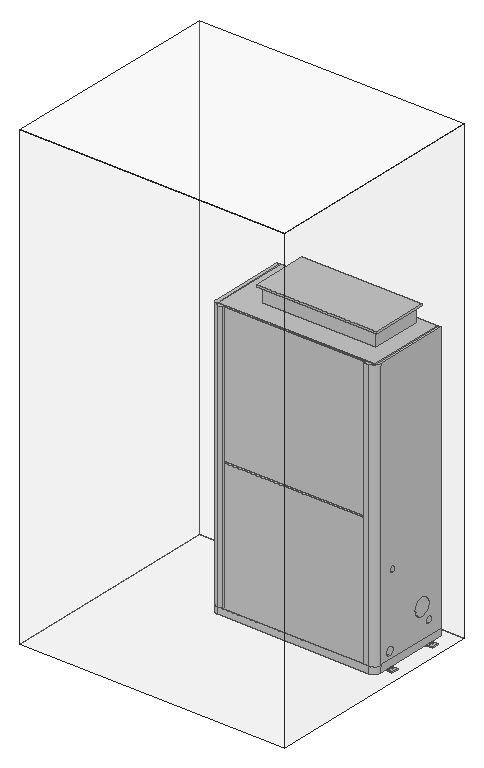
Revit family "pfav-p224_560dme3_50Hz", category 機械設備, Revit 2019
Family settings
  丸型コネクタ寸法 = 直径を使用
  パーツ タイプ = 標準
  OmniClass 番号 = 23.75.10.24.21.27.27
  OmniClass タイトル = Split System Air Conditioning Units
  作業面ベース = いいえ
  常に垂直 = はい
  ロード時にボイドで切り取り = いいえ
  共有 = いいえ
  部屋計算ポイント = いいえ
Parameters (values of type "PFAV-P224DME3")
  風量（m3／min） = 65
  風量 = MAX風量  # 3900 m³/h
  音響パワーレベル(dB) = 69
  電源種別 = ""
  電圧_電気ヒーター = 0 V
  電圧 = 200 V
  電動機出力_送風機 = 1500 W
  電動機出力_圧縮機 = 4510 W
  運転質量 = 0.00 kg
  連動 = ""
  質量 = if(製品質量 > 運転質量, 製品質量, 運転質量) * 1.2  # 150.00 kg
  負荷分類 = 3_ファン類
  説明 = "設備用パッケージエアコン 空冷床置形・冷暖兼用 一般空調設備用標準シリーズ"
  設計暖房能力 [instance] = 0 kW
  設計冷房能力_顕熱 [instance] = 0 kW
  設計冷房能力 [instance] = 0 kW
  設置方法 = "床置形"
  記号 [instance] = ""
  製造元 = "三菱電機株式会社"
  製品質量 = 125.00 kg
  製品出荷対象 = "国内"
  製品リリース年月 = ""
  製品グループ = ""
  系統 [instance] = ""
  符号 = "PAC-FRV(J)"
  積算_科目 = "1 空気調和設備"
  積算_拾い区分 [instance] = ""
  相_電気ヒーター = 1
  相 = 3
  盤記号 [instance] = ""
  発停方法 = ""
  特殊仕様 [instance] = ""
  火災停止 = ""
  消費電力_電気ヒーター = 0 W
  消費電力_暖房 = 740 W
  消費電力_加湿器 = 0 W
  消費電力_冷房 = 740 W
  消費電力 = if(消費電力_冷房 > 消費電力_暖房, 消費電力_冷房, 消費電力_暖房) + 消費電力_加湿器 + 消費電力_電気ヒーター  # 740 W
  法定耐用年数 = "15"
  機械基礎質量 [instance] = 0.00 kg
  機械基礎_W = 0.00 mm
  機械基礎_H = 0.00 mm
  機械基礎_D = 0.00 mm
  機械基礎 [instance] = no
  機外静圧 = 30.0 Pa
  極数 = 3
  材質 [instance] = ""
  本体マテリアル = none
  有効加湿量 = 0
  最小電線太さ_mm = 1.6
  最大電流値 = 6.5 A
  暖房能力 = 22.4 kW
  推奨ブレーカー容量 = 15 A
  形式_加湿器 = ""
  形式 = "床置（露出）立形"
  形名 = PFAV-P-DME : PFAV-P224DME3
  幹線記号 [instance] = ""
  始動方式 = "直入"
  呼称 = "パッケージ形空気調和機_室内機"
  周波数 = 50 Hz
  台数_手元リモコン [instance] = ""
  台数_冷媒分岐ユニット [instance] = ""
  参照している仕様書等のバージョン = "公共建築工事標準仕様書（機械設備工事編）平成31年度版"
  加湿給水管径 = 0.00 mm
  分類コード = "50053003023020"
  分類グループ = ""
  冷房能力 = 20 kW
  冷媒高低圧ガス管径 = 0.00 mm
  冷媒管径符号 = "Be"
  冷媒管径 = 100.00 mm
  冷媒液管径 = 9.52 mm
  冷媒ガス管径 = 19.05 mm
  価格 = 0
  企業コード = "108420"
  付属品_フィルター = ""
  付属品 [instance] = ""
  仕様書バージョン = "Version1.0"
  モデル = "PFAV-P224DME3"
  ドレン管径 = 34.00 mm
  ダクト高 = 336 mm
  ダクト幅 = 715 mm
  サービススペース = yes
  コメント [instance] = ""
  Keynote = ""
  Width = 980.00 mm
  Version = ""
  Uniclass2015Version = "Systems v1.9"
  Uniclass2015Title = "Split coil remote air cooled condensing units"
  Uniclass2015Code = "Pr_70_65_03_84"
  URL = ""
  S寸法 = 0.00 mm
  SpecificationReference = ""
  SpecificationDescription = ""
  Revision = ""
  ProductInformation = ""
  OmniClassCode = "23-33 17 13 11"
  MAX風量 = 風量（m3／min） * 60 m³/h  # 3900 m³/h
  IfcTypeProduct = ""
  IfcProduct = ""
  IfcExportType = "AIRCONDITIONINGUNIT"
  IfcExportAs = "IfcUnitaryEquipmentType"
  Height = 1748.00 mm
  Depth = 485.00 mm
  Clearance Top = 1000.00 mm
  Clearance Right = 100.00 mm
  Clearance Left = 500.00 mm
  Clearance Front = 800.00 mm
  Clearance Back = 50.00 mm
  COP = 0
  Author = "三菱電機株式会社"
  APF = 4.7
Types (4, lengths in mm): name | 風量（m3／min） | 風量 | 音響パワーレベル(dB) | 電動機出力_送風機 | 電動機出力_圧縮機 | 質量 | 製品質量 | 消費電力_暖房 | 消費電力_冷房 | 消費電力 | 最小電線太さ_mm | 最大電流値 | 暖房能力 | 推奨ブレーカー容量 | 形名 | 冷房能力 | 冷媒管径符号 | 冷媒液管径 | 冷媒ガス管径 | モデル | ドレン管径 | ダクト高 | ダクト幅 | Width | S寸法 | MAX風量 | Height | Depth | Clearance Left | Clearance Front | APF
  PFAV-P224DME3 | 65 | 3900 m³/h | 69 | 1500 W | 4510 W | 150.00 kg | 125.00 kg | 740 W | 740 W | 740 W | 1.6 | 6.5 A | 22.4 kW | 15 A | PFAV-P-DME : PFAV-P224DME3 | 20 kW | "Be" | 9.52 | 19.05 | "PFAV-P224DME3" | 34.00 | 336 | 715 | 980.00 | 0.00 | 3900 m³/h | 1748.00 | 485.00 | 500.00 | 800.00 | 4.7
  PFAV-P280DME3 | 90 | 5400 m³/h | 71 | 1500 W | 5580 W | 178.80 kg | 149.00 kg | 940 W | 940 W | 940 W | 1.6 | 6.5 A | 28 kW | 15 A | PFAV-P-DME : PFAV-P280DME3 | 25 kW | "Bf" | 9.52 | 22.20 | "PFAV-P280DME3" | 34.00 | 336 | 895 | 1200.00 | 150.00 | 5400 m³/h | 1748.00 | 485.00 | 500.00 | 800.00 | 4.9
  PFAV-P450DME3 | 140 | 8400 m³/h | 74 | 2200 W | 10900 W | 265.20 kg | 221.00 kg | 1580 W | 1580 W | 1580 W | 1.6 | 9.5 A | 45 kW | 30 A | PFAV-P-DME : PFAV-P450DME3 | 40 kW | "Ch" | 12.70 | 28.58 | "PFAV-P450DME3" | 42.70 | 484 | 1046 | 1200.00 | 150.00 | 8400 m³/h | 1899.00 | 635.00 | 100.00 | 1000.00 | 0
  PFAV-P560DME3 | 165 | 9900 m³/h | 79 | 3700 W | 13600 W | 308.40 kg | 257.00 kg | 2260 W | 2260 W | 2260 W | 2 | 15 A | 56 kW | 30 A | PFAV-P-DME : PFAV-P560DME3 | 50 kW | "Dh" | 15.88 | 28.58 | "PFAV-P560DME3" | 42.70 | 484 | 1253 | 1420.00 | 150.00 | 9900 m³/h | 1899.00 | 635.00 | 100.00 | 1000.00 | 0
Reference planes
  plane 1: z = 0
  plane 2 "上": z = 1650
  plane 3: z = 1748
  plane 4: z = 0
  plane 5: z = 2748
  plane 6 "中心(正面/背面)": y = -242.5
  plane 7 "中心(左/右)": x = 0
  plane 8 "左": x = -490
  plane 9 "右": x = 490
  plane 10 "正面": y = -485
  plane 11 "背面": y = 0
  plane 12: y = 0
  plane 13: x = -490
  plane 14: y = -485
  plane 15: y = 50
  plane 16: y = -1285
  plane 17: x = -990
  plane 18: x = 590
  plane 19: x = 490
Dimensions and locks
  locked: plane 3 to plane 2 "上" at 98
  "Height": plane 3 to plane 4
  "Clearance Top": plane 5 to plane 3
  "機械基礎_H": plane 4 to plane 1
  equal spacing: plane 8 "左", plane 7 "中心(左/右)", plane 9 "右"
  "Width": plane 8 "左" to plane 9 "右"
  equal spacing: plane 10 "正面", plane 6 "中心(正面/背面)", plane 11 "背面"
  "Depth": plane 10 "正面" to plane 11 "背面"
  "S寸法": plane 11 "背面" to plane 12
  "S寸法": plane 14 to plane 10 "正面"
  "S寸法": plane 13 to plane 8 "左"
  "Clearance Left": plane 17 to plane 8 "左"
  "Clearance Right": plane 9 "右" to plane 18
  "Clearance Front": plane 16 to plane 10 "正面"
  "Clearance Back": plane 11 "背面" to plane 15
  "S寸法": plane 9 "右" to plane 19
  aligned and locked: level to plane 1
  aligned and locked: plane 18 to nested 1
  aligned and locked: plane 16 to nested 1
  aligned and locked: nested 1 to plane 17
  aligned and locked: nested 1 to plane 15
  aligned and locked: plane 7 "中心(左/右)" to nested 2
  aligned and locked: plane 6 "中心(正面/背面)" to nested 2
  aligned and locked: plane 5 to nested 1
  aligned and locked: plane 4 to nested 2
Nested families
  nested 1: "サービススペース（pfav-p224_560dme3）" at (-200, -617.5, 1374), visible <- "サービススペース", type "サービススペース（pfav-p224_560dme3）"
    with Width 1580.00 mm, Height 2748.00 mm, Depth 1335.00 mm
  nested 2: "PFAV-P-DME" at (0, -242.5, 0), マテリアル1 <- "本体マテリアル", type <- "形名", type "PFAV-P224DME3"
    with 表示 yes, マテリアル2 none, マテリアル1 none, ドレン径 34.00 mm
Connectors
  hvac at (32.5, -187, 1748), driven by "ダクト高", driven by "ダクト幅", driven by "機外静圧", driven by "風量"
    settings: on nested 2, index 1, duct flow 3900 m³/h, flow factor 0, pres drop 30.0 Pa, loss coef 0, conn angle 0.00°, conn width 715 mm, conn height 336 mm, conn diameter 609.6 mm, duct sys type 1, conn prof type 1, flow config 1, flow direction 2, loss method 4, conn ref index -1, conn util no, is conn primary yes, conn desc ""
  piping at (493, -92, 130), diameter 34, driven by "ドレン管径"
    settings: on nested 2, index 2, connector inside diameter 609.60 mm, connector length 0.00 mm, flow factor 0, pipe flow 0.0 L/s, pressure drop 0.0 Pa, fitting loss kfactor 0, connector angle 0.00°, fixture units 0, engagement length 0.00 mm, angle of deflection 0.00°, flow configuration 1, flow direction 2, fitting loss method 4, system type 16, joint type 0, gender type 0, connector reference index -1, connector utility 0, adjustable connector no, is connector primary yes, connector description ""
  piping at (493, -145, 220), diameter 100, driven by "冷媒管径", driven by "冷媒管径符号"
    settings: on nested 2, index 3, connector inside diameter 609.60 mm, connector length 0.00 mm, flow factor 0, pipe flow 0.0 L/s, pressure drop 0.0 Pa, fitting loss kfactor 0, connector angle 0.00°, fixture units 0, engagement length 0.00 mm, angle of deflection 0.00°, flow configuration 1, flow direction 1, fitting loss method 4, system type 7, joint type 0, gender type 0, connector reference index -1, connector utility 0, adjustable connector no, is connector primary no, connector description "Be"
  electrical at (493, -385, 90), driven by "極数", driven by "負荷分類", driven by "電圧", driven by "消費電力"
    settings: on nested 2, index 5, voltage 200 V, apparent load 740 VA, apparent load phase1 0 VA, apparent load phase2 0 VA, apparent load phase3 0 VA, power factor 1, load classification "3_ファン類", number of poles 3, system type 30, power factor state 1, is connector primary yes, connector utility no, sub classification motor no, connector description ""
Definition of nested family "サービススペース（pfav-p224_560dme3）"
  Parameters (values of type "サービススペース")
    Width [instance] = 500.00 mm
    Height [instance] = 500.00 mm
    Depth [instance] = 500.00 mm
  Reference planes
    plane 1 "中心(正面/背面)": y = 0
    plane 2: z = 0
    plane 3 "中心(左/右)": x = 0
    plane 4: y = -250
    plane 5: x = 250
    plane 6: y = 250
    plane 7: x = -250
    plane 8: z = 250
    plane 9: z = -250
  Forms (mm)
    Extrusion 1, solid
      sketch origin (-638.939, 0, 72.39) x (1, 0, 0) y (0, 1, 0)
        loop
          line (388.939, 250) -> (388.939, -250) -> (888.939, -250) -> (888.939, 250) -> (388.939, 250)
      from -322.39 to 177.61
  Lines and regions (mm)
    symbolic lines
      curve 1: line (-250, 0, 250) -> (250, 0, 250)
      curve 2: line (-250, 0, -250) -> (-250, 0, 250)
      curve 3: line (250, 0, -250) -> (-250, 0, -250)
      curve 4: line (250, 0, 250) -> (250, 0, -250)
      curve 5: line (0, -250, 250) -> (0, 250, 250)
      curve 6: line (0, -250, -250) -> (0, -250, 250)
      curve 7: line (0, 250, -250) -> (0, -250, -250)
      curve 8: line (0, 250, 250) -> (0, 250, -250)
      curve 9: line (-250, 250, 0) -> (250, 250, 0)
      curve 10: line (-250, -250, 0) -> (-250, 250, 0)
      curve 11: line (250, -250, 0) -> (-250, -250, 0)
      curve 12: line (250, 250, 0) -> (250, -250, 0)
  Dimensions and locks
    equal spacing: plane 7, plane 3 "中心(左/右)", plane 5
    equal spacing: plane 4, plane 1 "中心(正面/背面)", plane 6
    "Depth": plane 4 to plane 6
    "Width": plane 7 to plane 5
    equal spacing: plane 8, plane 2, plane 9
    "Height": plane 8 to plane 9
    aligned and locked: plane 9 to curve 3
    aligned and locked: plane 7 to curve 2
    aligned and locked: curve 4 to plane 5
    aligned and locked: plane 5 to Extrusion 1
    aligned and locked: Extrusion 1 to plane 7
    aligned and locked: Extrusion 1 to plane 9
    aligned and locked: plane 8 to Extrusion 1
    aligned and locked: plane 9 to curve 7
  Automatic sketch dimensions
    plane 4 to Extrusion 1 sketch curve = 0.00 mm
    Extrusion 1 sketch curve to plane 7 = 0.00 mm
    Extrusion 1 sketch curve to plane 5 = 0.00 mm
    plane 6 to Extrusion 1 sketch curve = 0.00 mm
    curve 2 to plane 8 = 0.00 mm
    plane 4 to curve 11 = 0.00 mm
    curve 11 to plane 7 = 0.00 mm
    curve 11 to plane 5 = 0.00 mm
    plane 6 to curve 10 = 0.00 mm
    curve 7 to plane 4 = 0.00 mm
    curve 7 to plane 6 = 0.00 mm
    curve 6 to plane 8 = 0.00 mm
Definition of nested family "PFAV-P-DME"
  Parameters (values of type "224DME3")
    液径 = 9.52 mm
    液-W = 0.00 mm
    液-H = 225.00 mm
    液-D = 185.00 mm
    高 = 1650.00 mm
    電源径 = 43.00 mm
    電源-W = 0.00 mm
    電源-H = 90.00 mm
    電源-D = 385.00 mm
    表示 [instance] = yes
    幅 = 980.00 mm
    奥行 = 485.00 mm
    吊りボルト径 = 12.00 mm
    吊りボルト-W = 1014.00 mm
    吊りボルト-D = 300.00 mm
    吊りボルト-H = 0.00 mm
    加湿給水管径 = 27.00 mm
    加湿給水-W = 365.00 mm
    加湿給水-H = 520.00 mm
    加湿給水-D = 0.00 mm
    冷媒径 = 100.00 mm
    ガス径 = 19.05 mm
    ガス-W = 0.00 mm
    ガス-H = 215.00 mm
    ガス-D = 105.00 mm
    マテリアル2 [instance] = none
    マテリアル1 [instance] = none
    ドレン径 = 50.00 mm
    ドレン-W = 0.00 mm
    ドレン-H = 130.00 mm
    ドレン-D = 92.00 mm
    w = 675.00 mm
    h = 98.00 mm
    d = 296.00 mm
    b = 100.00 mm
    a = 19.00 mm
  Types (5, lengths in mm): name | 液径 | 液-H | 液-D | 高 | 電源径 | 電源-H | 電源-D | 幅 | 奥行 | 吊りボルト-W | 吊りボルト-D | 加湿給水-W | 加湿給水-H | ガス径 | ガス-H | ガス-D | ドレン-H | w | h | d | b | a
    (no name) | 9.52 | 225.00 | 185.00 | 1650.00 | 43.00 | 90.00 | 385.00 | 980.00 | 485.00 | 1014.00 | 300.00 | 365.00 | 520.00 | 19.05 | 215.00 | 105.00 | 130.00 | 675.00 | 98.00 | 296.00 | 100.00 | 19.00
    224DME3 | 9.52 | 225.00 | 185.00 | 1650.00 | 43.00 | 90.00 | 385.00 | 980.00 | 485.00 | 1014.00 | 300.00 | 365.00 | 520.00 | 19.05 | 215.00 | 105.00 | 130.00 | 675.00 | 98.00 | 296.00 | 100.00 | 19.00
    280DME3 | 9.52 | 225.00 | 185.00 | 1650.00 | 43.00 | 90.00 | 385.00 | 1200.00 | 485.00 | 1234.00 | 300.00 | 365.00 | 520.00 | 19.05 | 215.00 | 105.00 | 130.00 | 855.00 | 98.00 | 296.00 | 152.00 | 19.00
    450DME3 | 12.70 | 296.00 | 118.00 | 1850.00 | 52.00 | 100.00 | 530.00 | 1200.00 | 635.00 | 1230.00 | 440.00 | 438.00 | 680.00 | 28.58 | 296.00 | 238.00 | 169.00 | 1006.00 | 49.00 | 444.00 | 82.00 | 21.00
    560DME3 | 12.70 | 296.00 | 118.00 | 1850.00 | 52.00 | 100.00 | 530.00 | 1420.00 | 635.00 | 1450.00 | 440.00 | 438.00 | 680.00 | 28.58 | 296.00 | 238.00 | 169.00 | 1213.00 | 49.00 | 444.00 | 83.50 | 21.00
  Reference planes
    plane 1 "中心(正面/背面)": y = 0
    plane 2: z = 0
    plane 3 "中心(左/右)": x = 0
    plane 4: x = 490
    plane 5: x = -490
    plane 6: y = 242.5
    plane 7: y = -242.5
    plane 8: z = 1748
    plane 9: z = 830
    plane 10: z = 1650
    plane 11: z = 40
    plane 12: y = 150
    plane 13: y = -150
    plane 14: x = 507
    plane 15: x = -507
    plane 16: y = 223.5
    plane 17: y = -162.5
    plane 18: z = 130
    plane 19: z = 90
    plane 20: y = 57.5
    plane 21: z = 225
    plane 22: z = 215
    plane 23: z = 1738
    plane 24: y = 137.5
    plane 25: x = 470
    plane 26: x = -470
    plane 27: z = 820
    plane 28: y = -222.5
    plane 29: x = -420
    plane 30: x = 420
    plane 31: y = -239.5
    plane 32: x = 530
    plane 33: x = -530
    plane 34: y = 170
    plane 35: y = 130
    plane 36: y = -130
    plane 37: y = -170
    plane 38: y = 203.5
    plane 39: z = 5
    plane 40: x = 390
    plane 41: x = 370
    plane 42: x = -305
    plane 43: x = -325
    plane 44: y = -112.5
    plane 45: y = -92.5
    plane 46: y = 150.5
    plane 47: y = -142.5
    plane 48: x = 493
    plane 49: y = 97.5
    plane 50: z = 220
    plane 51: y = -122.5
    plane 52: z = 520
  Forms (mm)
    Extrusion 1, solid, material <- "マテリアル1", visible <- "表示", detail levels fine
      sketch origin (0, 0, -400) x (1, 0, 0) y (0, 1, 0)
        loop
          line (420, -222.5) -> (-420, -222.5) -> (-420, -239.5) -> (420, -239.5) -> (420, -222.5)
      from 1230 to 2050
    Extrusion 2, solid, material <- "マテリアル1", visible <- "表示", detail levels fine
      sketch origin (0, 0, -800) x (1, 0, 0) y (0, 1, 0)
        loop
          line (-420, -239.5) -> (420, -239.5) -> (420, -222.5) -> (-420, -222.5) -> (-420, -239.5)
      from 840 to 1620
    Extrusion 3, solid, material <- "マテリアル2", visible <- "表示", detail levels fine
      sketch origin (0, 0, 0) x (1, 0, 0) y (0, 1, 0)
        loop
          line (490, 170) -> (490, 130) -> (530, 130) -> (530, 170) -> (490, 170)
        loop
          line (490, -130) -> (490, -170) -> (530, -170) -> (530, -130) -> (490, -130)
        loop
          line (-530, 170) -> (-530, 130) -> (-490, 130) -> (-490, 170) -> (-530, 170)
        loop
          line (-530, -130) -> (-530, -170) -> (-490, -170) -> (-490, -130) -> (-530, -130)
        loop
          circle (-507, 150) r 6
        loop
          circle (507, 150) r 6
        loop
          circle (507, -150) r 6
        loop
          circle (-507, -150) r 6
      from 0 to 5
    Extrusion 4, solid, material <- "マテリアル2", visible <- "表示", detail levels fine
      sketch origin (0, -1140, 0) x (0, -1, 0) y (1, 0, 0)
        loop
          line (-1343.5, 370) -> (-1343.5, -305) -> (-1047.5, -305) -> (-1047.5, 370) -> (-1343.5, 370)
      from 1650 to 1738
    Extrusion 5, solid, material <- "マテリアル2", visible <- "表示", detail levels fine
      sketch origin (0, -1140, -430) x (0, -1, 0) y (1, 0, 0)
        loop
          line (-1363.5, 390) -> (-1363.5, -325) -> (-1027.5, -325) -> (-1027.5, 390) -> (-1363.5, 390)
      from 2168 to 2178
    Extrusion 6, solid, material <- "マテリアル1", visible <- "表示", detail levels fine
      sketch origin (-1437.329, -1524, 1748) x (-1, 0, 0) y (0, -1, 0)
        loop
          line (-947.329, -1766.5) -> (-947.329, -1321.5)
          arc (-947.329, -1321.5) -> (-959.045, -1293.216) -> (-987.329, -1281.5) r 40
          line (-987.329, -1281.5) -> (-1017.329, -1281.5) -> (-1017.329, -1301.5) -> (-967.329, -1301.5) -> (-967.329, -1766.5) -> (-947.329, -1766.5)
        loop
          line (-1907.329, -1766.5) -> (-1907.329, -1301.5) -> (-1857.329, -1301.5) -> (-1857.329, -1281.5) -> (-1887.329, -1281.5)
          arc (-1887.329, -1281.5) -> (-1915.614, -1293.216) -> (-1927.329, -1321.5) r 40
          line (-1927.329, -1321.5) -> (-1927.329, -1766.5) -> (-1907.329, -1766.5)
      from -1708 to -98
    Extrusion 7, solid, material <- "マテリアル1", visible <- "表示", detail levels fine
      sketch origin (-1437.329, -1524, 1748) x (-1, 0, 0) y (0, -1, 0)
        loop
          line (-1907.329, -1766.5) -> (-967.329, -1766.5) -> (-967.329, -1301.5) -> (-1907.329, -1301.5) -> (-1907.329, -1766.5)
      from -1708 to -98
    Extrusion 8, solid, material <- "マテリアル2", visible <- "表示", detail levels fine
      sketch origin (-1437.329, -1524, 1748) x (-1, 0, 0) y (0, -1, 0)
        loop
          line (-947.329, -1766.5) -> (-947.329, -1321.5)
          arc (-947.329, -1321.5) -> (-959.045, -1293.216) -> (-987.329, -1281.5) r 40
          line (-987.329, -1281.5) -> (-1887.329, -1281.5)
          arc (-1887.329, -1281.5) -> (-1915.614, -1293.216) -> (-1927.329, -1321.5) r 40
          line (-1927.329, -1321.5) -> (-1927.329, -1766.5) -> (-947.329, -1766.5)
      from -1748 to -1708
    Extrusion 9, solid, material <- "マテリアル2", visible <- "表示", detail levels fine
      sketch origin (490, 1296.25, 1200) x (0, 1, 0) y (0, 0, 1)
        loop
          circle (-1438.75, -1110) r 21.5
        loop
          circle (-1145.75, -1070) r 25
        loop
          circle (-1418.75, -680) r 13.5
      from 0 to 3
    Extrusion 10, solid, material <- "マテリアル1", visible <- "表示", detail levels fine
      sketch origin (490, 1296.25, 1200) x (0, 1, 0) y (0, 0, 1)
        loop
          circle (-1198.75, -980) r 50
      from 0 to 3
  Lines and regions (mm)
    Masking region 1, visible <- "表示", detail levels coarse+medium
      outline origin (0, 0, 0) x (1, 0, 0) y (0, 1, 0)
        loop
          line (-490, 242.5) -> (-490, -242.5) -> (490, -242.5) -> (490, 242.5) -> (-490, 242.5)
    symbolic lines, visible <- "表示"
      curve 1: line (-490, 242.5, 1748) -> (-490, -242.5, 1748)
      curve 2: line (-490, -242.5, 1748) -> (490, -242.5, 1748)
      curve 3: line (490, -242.5, 1748) -> (490, 242.5, 1748)
      curve 4: line (490, 242.5, 1748) -> (-490, 242.5, 1748)
      curve 5: line (-325, 223.5, 1748) -> (-325, -112.5, 1748)
      curve 6: line (-325, -112.5, 1748) -> (390, -112.5, 1748)
      curve 7: line (390, -112.5, 1748) -> (390, 223.5, 1748)
      curve 8: line (390, 223.5, 1748) -> (-325, 223.5, 1748)
    model lines, visible <- "表示", detail levels fine
      curve 9: line (420, -239.5, 720) -> (-420, -239.5, 720)
      curve 10: line (420, -239.5, 670) -> (-420, -239.5, 670)
      curve 11: line (0, -239.5, 720) -> (0, -239.5, 270)
      curve 12: line (420, -239.5, 620) -> (-420, -239.5, 620)
      curve 13: line (420, -239.5, 570) -> (-420, -239.5, 570)
      curve 14: line (420, -239.5, 520) -> (-420, -239.5, 520)
      curve 15: line (420, -239.5, 470) -> (-420, -239.5, 470)
      curve 16: line (420, -239.5, 420) -> (-420, -239.5, 420)
      curve 17: line (420, -239.5, 370) -> (-420, -239.5, 370)
      curve 18: line (420, -239.5, 320) -> (-420, -239.5, 320)
      curve 19: line (420, -239.5, 270) -> (-420, -239.5, 270)
      curve 20: line (140, -239.5, 720) -> (140, -239.5, 270)
      curve 21: line (-140, -239.5, 270) -> (-140, -239.5, 720)
      curve 22: line (280, -239.5, 720) -> (280, -239.5, 270)
      curve 23: line (-280, -239.5, 270) -> (-280, -239.5, 720)
  Dimensions and locks
    equal spacing: plane 7, plane 1 "中心(正面/背面)", plane 6
    "奥行": plane 7 to plane 6
    equal spacing: plane 5, plane 3 "中心(左/右)", plane 4
    "幅": plane 5 to plane 4
    locked: plane 11 to level at 40
    equal spacing: plane 13, plane 1 "中心(正面/背面)", plane 12
    "吊りボルト-D": plane 13 to plane 12
    equal spacing: plane 15, plane 3 "中心(左/右)", plane 14
    "吊りボルト-W": plane 15 to plane 14
    "a": plane 16 to plane 6
    locked: plane 7 to plane 17 at 80
    "ドレン-H": plane 18 to level
    "電源-H": plane 19 to level
    "液-H": plane 21 to level
    locked: plane 10 to plane 9 at 820
    "ガス-H": plane 22 to level
    "h": plane 8 to plane 10
    locked: plane 8 to plane 23 at 10
    locked: plane 5 to plane 26 at 20
    locked: plane 25 to plane 4 at 20
    locked: plane 9 to plane 27 at 10
    locked: plane 7 to plane 28 at 20
    locked: plane 26 to plane 29 at 50
    locked: plane 30 to plane 25 at 50
    locked: plane 7 to plane 31 at 3
    locked: plane 33 to plane 5 at 40
    locked: plane 4 to plane 32 at 40
    plane 37 to plane 13 to plane 36 = 20.00 mm locked, 20.00 mm locked
    plane 35 to plane 12 to plane 34 = 20.00 mm locked, 20.00 mm locked
    locked: plane 38 to plane 16 at 20
    locked: plane 39 to level at 5
    "b": plane 40 to plane 4
    locked: plane 43 to plane 42 at 20
    locked: plane 41 to plane 40 at 20
    "w": plane 42 to plane 41
    locked: plane 44 to plane 45 at 20
    "d": plane 45 to plane 38
    curve 9 to curve 10 to curve 12 to curve 13 to curve 14 to curve 15 to curve 16 to curve 17 to curve 18 to curve 19 = 50.00 mm locked, 50.00 mm locked, 50.00 mm locked, 50.00 mm locked, 50.00 mm locked, 50.00 mm locked, 50.00 mm locked, 50.00 mm locked, 50.00 mm locked
    equal spacing: plane 30, curve 22, curve 20, curve 11, curve 21, curve 23, plane 29
    "高": plane 10 to level
    "液-D": plane 20 to plane 6
    "ガス-D": plane 24 to plane 6
    "ドレン-D": plane 46 to plane 6
    "電源-D": plane 47 to plane 6
    locked: plane 4 to plane 48 at 3
    equal spacing: plane 20, plane 49, plane 24
    equal spacing: plane 21, plane 50, plane 22
    "加湿給水-W": plane 51 to plane 6
    "加湿給水-H": plane 52 to level
    radius of Extrusion 6 sketch curve = 40.00 mm  (x2)
    "吊りボルト径": diameter of Extrusion 3 sketch curve  (x4)
    "ドレン径": diameter of Extrusion 9 sketch curve
    "電源径": diameter of Extrusion 9 sketch curve
    "冷媒径": diameter of Extrusion 10 sketch curve
    "加湿給水管径": diameter of Extrusion 9 sketch curve
    aligned and locked: level to plane 2
    aligned and locked: plane 13 to nested 1
    aligned and locked: plane 14 to nested 1
    aligned and locked: plane 15 to nested 1
    aligned and locked: nested 1 to plane 12
    aligned and locked: Extrusion 2 to plane 11
    aligned and locked: Extrusion 1 to plane 9
    aligned and locked: Extrusion 5 to plane 23
    aligned and locked: plane 8 to Extrusion 5
    aligned and locked: Extrusion 6 to plane 11
    aligned and locked: Extrusion 4 to Extrusion 5
    aligned and locked: Extrusion 4 to plane 10
    aligned and locked: plane 10 to Extrusion 6
    aligned and locked: plane 10 to Extrusion 1
    aligned and locked: plane 27 to Extrusion 2
    aligned and locked: Extrusion 2 sketch curve to plane 28
    aligned and locked: Extrusion 6 sketch curve to plane 7
    aligned and locked: Extrusion 6 sketch curve to plane 29
    aligned and locked: Extrusion 6 sketch curve to plane 30
    aligned and locked: Extrusion 6 sketch curve to plane 25
    aligned and locked: plane 28 to Extrusion 6 sketch curve  (x2)
    aligned and locked: Extrusion 2 sketch curve to plane 29
    aligned and locked: Extrusion 2 sketch curve to plane 30
    aligned and locked: plane 31 to Extrusion 2 sketch curve
    aligned and locked: Extrusion 1 sketch curve to plane 30
    aligned and locked: Extrusion 1 sketch curve to plane 29
    aligned and locked: Extrusion 1 sketch curve to plane 28
    aligned and locked: Extrusion 1 sketch curve to plane 31
    aligned and locked: Extrusion 7 sketch curve to plane 6
    aligned and locked: Extrusion 7 sketch curve to plane 26
    aligned and locked: Extrusion 7 sketch curve to plane 28
    aligned and locked: Extrusion 7 sketch curve to plane 25
    aligned and locked: plane 10 to Extrusion 7
    aligned and locked: Extrusion 7 to plane 11
    aligned and locked: plane 34 to Extrusion 3 sketch curve  (x2)
    aligned and locked: plane 4 to Extrusion 3 sketch curve  (x2)
    aligned and locked: Extrusion 3 sketch curve to plane 35  (x2)
    aligned and locked: Extrusion 3 sketch curve to plane 32  (x2)
    aligned and locked: plane 36 to Extrusion 3 sketch curve  (x2)
    aligned and locked: Extrusion 3 sketch curve to plane 37  (x2)
    aligned and locked: plane 33 to Extrusion 3 sketch curve  (x2)
    aligned and locked: Extrusion 3 sketch curve to plane 5  (x2)
    aligned and locked: plane 12 to Extrusion 3 sketch curve  (x2)
    aligned and locked: plane 15 to Extrusion 3 sketch curve  (x2)
    aligned and locked: plane 13 to Extrusion 3 sketch curve  (x2)
    aligned and locked: plane 14 to Extrusion 3 sketch curve  (x2)
    aligned and locked: Extrusion 3 to level
    aligned and locked: plane 39 to Extrusion 3
    aligned and locked: Extrusion 8 sketch curve to Extrusion 6  (x3)
    aligned and locked: Extrusion 8 sketch curve to Extrusion 7
    aligned and locked: Extrusion 8 to level
    aligned and locked: plane 11 to Extrusion 8
    aligned and locked: Extrusion 4 sketch curve to plane 38
    aligned and locked: Extrusion 4 sketch curve to plane 45
    aligned and locked: Extrusion 4 sketch curve to plane 41
    aligned and locked: Extrusion 4 sketch curve to plane 42
    aligned and locked: Extrusion 5 sketch curve to plane 40
    aligned and locked: Extrusion 5 sketch curve to plane 16
    aligned and locked: Extrusion 5 sketch curve to plane 44
    aligned and locked: Extrusion 5 sketch curve to plane 43
    aligned and locked: Masking region 1 sketch curve to Extrusion 8
    aligned and locked: Masking region 1 sketch curve to Extrusion 6
    aligned and locked: Masking region 1 sketch curve to plane 7
    aligned and locked: Masking region 1 sketch curve to plane 4
    aligned and locked: curve 1 to Masking region 1
    aligned and locked: curve 3 to Masking region 1
    aligned and locked: curve 4 to Masking region 1
    aligned and locked: curve 5 to Extrusion 5
    aligned and locked: curve 6 to Extrusion 5
    aligned and locked: curve 7 to Extrusion 5
    aligned and locked: curve 8 to Extrusion 5
    aligned and locked: plane 18 to Extrusion 9 sketch curve
    aligned and locked: plane 46 to Extrusion 9 sketch curve
    aligned and locked: plane 47 to Extrusion 9 sketch curve
    aligned and locked: plane 19 to Extrusion 9 sketch curve
    aligned and locked: Extrusion 9 to plane 4
    aligned and locked: plane 48 to Extrusion 9
    aligned and locked: plane 49 to Extrusion 10 sketch curve
    aligned and locked: plane 50 to Extrusion 10 sketch curve
    aligned and locked: Extrusion 10 to plane 4
    aligned and locked: plane 48 to Extrusion 10
    aligned and locked: plane 52 to Extrusion 9 sketch curve
    aligned and locked: plane 51 to Extrusion 9 sketch curve
  Automatic sketch dimensions
    Extrusion 6 sketch curve to plane 26 = 0.00 mm
    plane 7 to Extrusion 6 sketch curve = 0.00 mm
    Extrusion 6 sketch curve to plane 4 = 0.00 mm
    Extrusion 6 sketch curve to plane 5 = 0.00 mm
    plane 6 to Extrusion 6 sketch curve = 0.00 mm  (x2)
    plane 28 to Extrusion 2 sketch curve = 0.00 mm
    plane 7 to curve 2 = 0.00 mm
    curve 16 to plane 29 = 0.00 mm
    curve 9 to plane 29 = 0.00 mm
    curve 15 to plane 29 = 0.00 mm
    curve 10 to plane 29 = 0.00 mm
    curve 19 to plane 29 = 0.00 mm
    curve 18 to plane 29 = 0.00 mm
    curve 17 to plane 29 = 0.00 mm
    curve 12 to plane 29 = 0.00 mm
    curve 13 to plane 29 = 0.00 mm
    curve 14 to plane 29 = 0.00 mm
    curve 15 to plane 30 = 0.00 mm
    curve 12 to plane 30 = 0.00 mm
    curve 17 to plane 30 = 0.00 mm
    curve 13 to plane 30 = 0.00 mm
    curve 16 to plane 30 = 0.00 mm
    curve 14 to plane 30 = 0.00 mm
    curve 19 to plane 30 = 0.00 mm
    curve 18 to plane 30 = 0.00 mm
    curve 10 to plane 30 = 0.00 mm
    curve 9 to plane 30 = 0.00 mm
    plane 21 to curve 22 = 45.00 mm
  Nested families
    nested 1: "固定点" at (-507, -150, 0), visible <- "表示", type "固定点", detail levels fine
      with W 1014.00 mm, D 300.00 mm, 中心円 12.00 mm
  Definition of nested family "固定点"
    Parameters (values of type "固定点")
      中心円 = 20.00 mm
      W [instance] = 1000.00 mm
      D [instance] = 1000.00 mm
    Reference planes
      plane 1 "中心(正面/背面)": y = 0
      plane 2: z = 0
      plane 3 "中心(左/右)": x = 0
      plane 4: x = 1000
      plane 5: y = 1000
    Lines and regions (mm)
      symbolic lines, detail levels fine
        curve 1: circle (0, 1000, 0) r 10 normal (0, 0, 1)
        curve 2: circle (0, 0, 0) r 10 normal (0, 0, 1)
        curve 3: circle (1000, 1000, 0) r 10 normal (0, 0, 1)
        curve 4: circle (1000, 0, 0) r 10 normal (0, 0, 1)
        curve 5: line (-200, 1000, 0) -> (1200, 1000, 0)
        curve 6: line (-200, 0, 0) -> (1200, 0, 0)
        curve 7: line (0, 1200, 0) -> (0, -200, 0)
        curve 8: line (1000, 1200, 0) -> (1000, -200, 0)
    Dimensions and locks
      "W": plane 3 "中心(左/右)" to plane 4
      "D": plane 1 "中心(正面/背面)" to plane 5
      "中心円": diameter of curve 1
      "中心円": diameter of curve 2
      "中心円": diameter of curve 3
      "中心円": diameter of curve 4
      aligned and locked: level to plane 2
      aligned and locked: plane 5 to curve 1
      aligned and locked: plane 3 "中心(左/右)" to curve 1
      aligned and locked: plane 3 "中心(左/右)" to curve 2
      aligned and locked: plane 1 "中心(正面/背面)" to curve 2
      aligned and locked: plane 4 to curve 3
      aligned and locked: plane 5 to curve 3
      aligned and locked: plane 1 "中心(正面/背面)" to curve 4
      aligned and locked: plane 4 to curve 4
      aligned and locked: plane 1 "中心(正面/背面)" to curve 6
      aligned and locked: curve 7 to plane 3 "中心(左/右)"
      aligned and locked: curve 8 to plane 4
    Automatic sketch dimensions
      curve 5 to plane 5 = 0.00 mm
      curve 6 to plane 3 "中心(左/右)" = 200.00 mm
      curve 5 to plane 3 "中心(左/右)" = 200.00 mm
      curve 4 to curve 6 = 200.00 mm
      curve 3 to curve 5 = 200.00 mm
      plane 1 "中心(正面/背面)" to curve 8 = 200.00 mm
      plane 1 "中心(正面/背面)" to curve 7 = 200.00 mm
      curve 3 to curve 8 = 200.00 mm
      curve 1 to curve 7 = 200.00 mm
